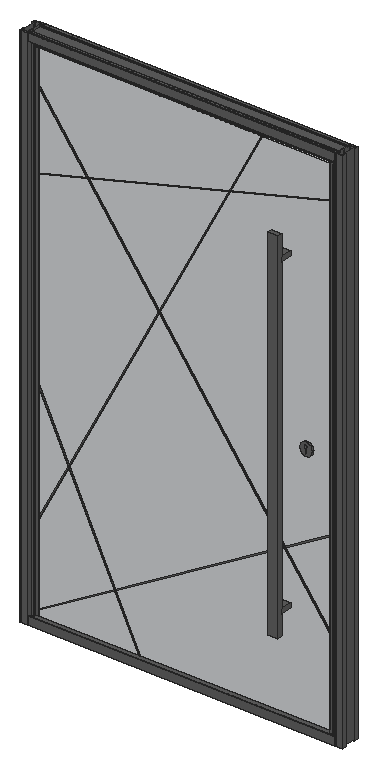
Revit family "YC1321P C2 GG LH", category Doors, host Wall, Revit 2024
Family settings
  Host = Wall
  OmniClass Number = 23.30.10.00
  OmniClass Title = Doors
  Always vertical = Yes
  Cut with Voids When Loaded = No
  Shared = No
  Room Calculation Point = No
Parameters
  Function = Interior
  Frame Projection Ext. = 25 mm
  Frame Projection Int. = 25 mm
  Frame Width = 75 mm
  Height = 2120 mm
  Wall Closure = By host
  Width = 1290 mm
  Analytic Construction = "<None>"
Reference planes
  plane 1: y = 0
  plane 2 "Center (Left/Right)": x = 0
  plane 3 "Left": x = -645
  plane 4 "Right": x = 645
  plane 5: z = 2120
  plane 6 "Exterior": y = 75
  plane 7 "Interior": y = -75
  plane 8: z = 33.5
Forms (mm)
  Sweep 1, solid, material "ALUMINIUM BLACK (TEST)"
    path origin (0, 75, 0) x (1, 0, 0) y (0, 0, 1)
      loop
        line (-601.2, 30) -> (-601.2, 2075) -> (600, 2075) -> (600, 30)
    profile origin (-0.6, 75, 2075) x (0, 0, 1) y (0, -1, 0)
      loop
        line (15, 55) -> (2.8, 55) -> (2.8, 61.5) -> (0.5, 61.5) -> (0.5, 88.5) -> (2.8, 88.5) -> (2.8, 95) -> (15, 95) -> (15, 97) -> (-0.5, 97)
        arc (-0.5, 97) -> (-1.207, 96.707) -> (-1.5, 96) r 1
        line (-1.5, 96) -> (-1.5, 93.9) -> (-0.5, 93.9) -> (-0.5, 95) -> (1, 95) -> (1, 90.5) -> (-0.5, 90.5) -> (-0.5, 91.631) -> (-1.5, 91.631) -> (-1.5, 58.369) -> (-0.5, 58.369) -> (-0.5, 59.5) -> (1, 59.5) -> (1, 55) -> (-0.5, 55) -> (-0.5, 56.1) -> (-1.5, 56.1) -> (-1.5, 54)
        arc (-1.5, 54) -> (-1.207, 53.293) -> (-0.5, 53) r 1
        line (-0.5, 53) -> (15, 53) -> (15, 55)
  Extrusion 2, solid, material "ALUMINIUM BLACK (TEST)"
    sketch origin (0, 0, 0) x (0, 1, 0) y (0, 0, 1)
      loop
        line (37.5, 2120) -> (22, 2120) -> (22, 2118.5) -> (24.5, 2118.5) -> (24.5, 2115.5) -> (-24.5, 2115.5) -> (-24.5, 2118.5) -> (-22, 2118.5) -> (-22, 2120) -> (-37.5, 2120) -> (-37.5, 2090) -> (-4.189, 2090) -> (7.651, 2090) -> (37.5, 2090) -> (37.5, 2120)
      loop
        line (32.168, 2118.2) -> (30.896, 2116.928) -> (29.5, 2118.324) -> (28, 2116.824) -> (26.3, 2118.524) -> (26.3, 2115.8)
        arc (26.3, 2115.8) -> (25.685, 2114.315) -> (24.2, 2113.7) r 2.1
        line (24.2, 2113.7) -> (-24.2, 2113.7)
        arc (-24.2, 2113.7) -> (-25.685, 2114.315) -> (-26.3, 2115.8) r 2.1
        line (-26.3, 2115.8) -> (-26.3, 2118.524) -> (-28, 2116.824) -> (-29.5, 2118.324) -> (-30.896, 2116.928) -> (-32.168, 2118.2) -> (-35.6, 2118.2) -> (-35.6, 2091.8) -> (-32.168, 2091.8) -> (-30.896, 2093.072) -> (-29.5, 2091.676) -> (-28, 2093.176) -> (-26.624, 2091.8) -> (-19.438, 2091.8) -> (26.624, 2091.8) -> (28, 2093.176) -> (29.5, 2091.676) -> (30.896, 2093.072) -> (32.168, 2091.8) -> (35.6, 2091.8) -> (35.6, 2118.2) -> (32.168, 2118.2)
      loop
        line (37.5, 0) -> (37.5, 30) -> (7.651, 30) -> (-4.189, 30) -> (-37.5, 30) -> (-37.5, 0) -> (-22, 0) -> (-22, 1.5) -> (-24.5, 1.5) -> (-24.5, 4.5) -> (24.5, 4.5) -> (24.5, 1.5) -> (22, 1.5) -> (22, 0) -> (37.5, 0)
      loop
        line (32.168, 1.8) -> (35.6, 1.8) -> (35.6, 28.2) -> (32.168, 28.2) -> (30.896, 26.928) -> (29.5, 28.324) -> (28, 26.824) -> (26.624, 28.2) -> (-19.438, 28.2) -> (-26.624, 28.2) -> (-28, 26.824) -> (-29.5, 28.324) -> (-30.896, 26.928) -> (-32.168, 28.2) -> (-35.6, 28.2) -> (-35.6, 1.8) -> (-32.168, 1.8) -> (-30.896, 3.072) -> (-29.5, 1.676) -> (-28, 3.176) -> (-26.3, 1.476) -> (-26.3, 4.2)
        arc (-26.3, 4.2) -> (-25.685, 5.685) -> (-24.2, 6.3) r 2.1
        line (-24.2, 6.3) -> (24.2, 6.3)
        arc (24.2, 6.3) -> (25.685, 5.685) -> (26.3, 4.2) r 2.1
        line (26.3, 4.2) -> (26.3, 1.476) -> (28, 3.176) -> (29.5, 1.676) -> (30.896, 3.072) -> (32.168, 1.8)
    from -615 to 615
  Extrusion 3, solid, material "ALUMINIUM BLACK (TEST)"
    sketch origin (0, 0, 30) x (1, 0, 0) y (0, 1, 0)
      loop
        arc (598.5, 21) -> (597.5, 22) -> (596.5, 21) r 1
        line (596.5, 21) -> (596.5, -21.179)
        arc (596.5, -21.179) -> (596.26, -21.76) -> (595.679, -22) r 0.821
        line (595.679, -22) -> (584.5, -22)
        arc (584.5, -22) -> (583.5, -23) -> (584.5, -24) r 1
        line (584.5, -24) -> (597.679, -24)
        arc (597.679, -24) -> (598.26, -23.76) -> (598.5, -23.179) r 0.821
        line (598.5, -23.179) -> (598.5, 21)
      loop
        arc (-599.7, -21) -> (-598.7, -22) -> (-597.7, -21) r 1
        line (-597.7, -21) -> (-597.7, 21.179)
        arc (-597.7, 21.179) -> (-597.459, 21.76) -> (-596.879, 22) r 0.821
        line (-596.879, 22) -> (-585.7, 22)
        arc (-585.7, 22) -> (-584.7, 23) -> (-585.7, 24) r 1
        line (-585.7, 24) -> (-598.879, 24)
        arc (-598.879, 24) -> (-599.459, 23.76) -> (-599.7, 23.179) r 0.821
        line (-599.7, 23.179) -> (-599.7, -21)
    from 0 to 2043.5
  Extrusion 4, solid, material "ALUMINIUM BLACK (TEST)"
    sketch origin (-25, 22, 130) x (1, 0, 0) y (0, 0, 1)
      loop
        line (620, 1939) -> (608, 1939) -> (608, -94) -> (620, -94) -> (620, 1939)
      loop
        line (-570, 1939) -> (-570, -94) -> (-558, -94) -> (-558, 1939) -> (-570, 1939)
    from 0 to 44
  Extrusion 5, solid, material "ALUMINIUM (METALLIC GREY TEST)"
    sketch origin (-25, 22, 130) x (1, 0, 0) y (0, 0, 1)
      loop
        line (608, 1939) -> (-558, 1939) -> (-558, -94) -> (608, -94) -> (608, 1939)
    from 0 to 4
  Extrusion 6, solid, material "ALUMINIUM (METALLIC GREY TEST)"
    sketch origin (-25, -22, 130) x (1, 0, 0) y (0, 0, -1)
      loop
        line (608, -1939) -> (608, 94) -> (-558, 94) -> (-558, -1939) -> (608, -1939)
    from 0 to 4
  Extrusion 7, solid, material "ALUMINIUM BLACK (TEST)"
    sketch origin (25, 22.873, 130) x (-1, 0, 0) y (0, 0, -1)
      loop
        line (608, -250.74) -> (-289.664, -1939) -> (-285.134, -1939) -> (608, -259.26) -> (608, -250.74)
    from 0 to 0.873
  Extrusion 8, solid, material "ALUMINIUM BLACK (TEST)"
    sketch origin (-1203.467, 22.873, 1667.12) x (0.422618, 0, 0.906308) y (-0.906308, 0, 0.422618)
      loop
        line (501.698, -450.664) -> (-407.89, -2161.351) -> (-401.866, -2158.542) -> (507.722, -447.855) -> (501.698, -450.664)
    from 0 to 0.873
  Extrusion 9, solid, material "ALUMINIUM BLACK (TEST)"
    sketch origin (-557.966, 22.873, -684.637) x (-0.848048, 0, 0.529919) y (-0.529919, 0, -0.848048)
      loop
        line (414.087, -615.437) -> (-218, -1804.221) -> (-215.553, -1808.137) -> (416.535, -619.354) -> (414.087, -615.437)
    from 0 to 0.873
  Extrusion 10, solid, material "ALUMINIUM BLACK (TEST)"
    sketch origin (648.998, 22.873, -166.515) x (-0.587785, 0, -0.809017) y (0.809017, 0, -0.587785)
      loop
        line (322.274, -788.112) -> (-111.431, -1603.792) -> (-104.049, -1598.429) -> (324.89, -791.712) -> (322.274, -788.112)
    from 0 to 0.873
  Extrusion 11, solid, material "ALUMINIUM BLACK (TEST)"
    sketch origin (-885.466, 22.873, 859.37) x (-0.681998, 0, 0.731354) y (-0.731354, 0, -0.681998)
      loop
        line (348.584, -738.63) -> (-218.13, -1804.465) -> (-215.101, -1807.289) -> (351.613, -741.454) -> (348.584, -738.63)
    from 0 to 0.873
  Extrusion 12, solid, material "ALUMINIUM BLACK (TEST)"
    sketch origin (-405.722, 27.873, -123.123) x (-1, 0, 0) y (0, 0, -1)
      loop
        circle (-896.954, -1135.623) r 25
    from 0 to 5
  Extrusion 13, solid, material "ALUMINIUM BLACK (TEST)"
    sketch origin (-405.722, -27.873, -123.123) x (-1, 0, 0) y (0, 0, 1)
      loop
        circle (-896.954, 1135.623) r 25
    from 0 to 5
  Extrusion 14, solid, material "ALUMINIUM BLACK (TEST)"
    sketch origin (1264.348, 72.873, -21.123) x (1, 0, 0) y (0, 0, 1)
      loop
        line (-878.538, 1720) -> (-878.538, 1700) -> (-838.538, 1700) -> (-838.538, 1720) -> (-878.538, 1720)
      loop
        line (-878.538, 440) -> (-838.538, 440) -> (-838.538, 460) -> (-878.538, 460) -> (-878.538, 440)
    from 5 to 50
  Extrusion 15, solid, material "ALUMINIUM BLACK (TEST)"
    sketch origin (-14.789, 87.873, 223.877) x (-1, 0, 0) y (0, 0, -1)
      loop
        line (-400.6, -115) -> (-440.6, -115) -> (-440.6, -1555) -> (-400.6, -1555) -> (-400.6, -115)
    from 0 to 20
  Extrusion 16, solid, material "ALUMINIUM BLACK (TEST)"
    sketch origin (1264.348, -72.873, -21.123) x (1, 0, 0) y (0, 0, -1)
      loop
        line (-878.538, -1720) -> (-838.538, -1720) -> (-838.538, -1700) -> (-878.538, -1700) -> (-878.538, -1720)
      loop
        line (-878.538, -440) -> (-878.538, -460) -> (-838.538, -460) -> (-838.538, -440) -> (-878.538, -440)
    from 5 to 50
  Extrusion 17, solid, material "ALUMINIUM BLACK (TEST)"
    sketch origin (-14.789, -87.873, 223.877) x (-1, 0, 0) y (0, 0, 1)
      loop
        line (-400.6, 115) -> (-400.6, 1555) -> (-440.6, 1555) -> (-440.6, 115) -> (-400.6, 115)
    from 0 to 20
  Extrusion 18, void
    sketch origin (-140.5, 67.873, -123.123) x (-1, 0, 0) y (0, 0, -1)
      loop
        line (-634.732, -1122.18) -> (-634.732, -1136.773)
        arc (-634.732, -1136.773) -> (-631.732, -1150.865) -> (-628.732, -1136.773) r 7.365
        line (-628.732, -1136.773) -> (-628.732, -1122.18)
        arc (-628.732, -1122.18) -> (-631.732, -1119.18) -> (-634.732, -1122.18) r 3
    from 40 to 45
  Extrusion 19, void
    sketch origin (-140.5, -67.873, -123.123) x (-1, 0, 0) y (0, 0, 1)
      loop
        arc (-634.732, 1122.18) -> (-631.732, 1119.18) -> (-628.732, 1122.18) r 3
        line (-628.732, 1122.18) -> (-628.732, 1136.773)
        arc (-628.732, 1136.773) -> (-631.732, 1150.865) -> (-634.732, 1136.773) r 7.365
        line (-634.732, 1136.773) -> (-634.732, 1122.18)
    from 40 to 45
  Extrusion 20, solid, material "ALUMINIUM BLACK (TEST)"
    sketch origin (25, -22.873, 130) x (-1, 0, 0) y (0, 0, 1)
      loop
        line (608, 250.74) -> (608, 259.26) -> (-285.134, 1939) -> (-289.664, 1939) -> (608, 250.74)
    from 0 to 0.873
  Extrusion 21, solid, material "ALUMINIUM BLACK (TEST)"
    sketch origin (-1203.467, -22.873, 1667.12) x (0.422618, 0, 0.906308) y (0.906308, 0, -0.422618)
      loop
        line (501.698, 450.664) -> (507.722, 447.855) -> (-401.866, 2158.542) -> (-407.89, 2161.351) -> (501.698, 450.664)
    from 0 to 0.873
  Extrusion 22, solid, material "ALUMINIUM BLACK (TEST)"
    sketch origin (-557.966, -22.873, -684.637) x (-0.848048, 0, 0.529919) y (0.529919, 0, 0.848048)
      loop
        line (414.087, 615.437) -> (416.535, 619.354) -> (-215.553, 1808.137) -> (-218, 1804.221) -> (414.087, 615.437)
    from 0 to 0.873
  Extrusion 23, solid, material "ALUMINIUM BLACK (TEST)"
    sketch origin (648.998, -22.873, -166.515) x (-0.587785, 0, -0.809017) y (-0.809017, 0, 0.587785)
      loop
        line (322.274, 788.112) -> (324.89, 791.712) -> (-104.049, 1598.429) -> (-111.431, 1603.792) -> (322.274, 788.112)
    from 0 to 0.873
  Extrusion 24, solid, material "ALUMINIUM BLACK (TEST)"
    sketch origin (-885.466, -22.873, 859.37) x (-0.681998, 0, 0.731354) y (0.731354, 0, 0.681998)
      loop
        line (348.584, 738.63) -> (351.613, 741.454) -> (-215.101, 1807.289) -> (-218.13, 1804.465) -> (348.584, 738.63)
    from 0 to 0.873
  Extrusion 25, solid, material "ALUMINIUM BLACK (TEST)"
    sketch origin (0, 0, 0) x (1, 0, 0) y (0, 1, 0)
      loop
        line (-645, 37.5) -> (-645, 22) -> (-643.5, 22) -> (-643.5, 24.5) -> (-640.5, 24.5) -> (-640.5, -24.5) -> (-643.5, -24.5) -> (-643.5, -22) -> (-645, -22) -> (-645, -37.5) -> (-615, -37.5) -> (-615, -17) -> (-615.993, -17) -> (-616.394, -18.496) -> (-617.6, -18.496) -> (-617.6, -0.254) -> (-616.306, -0.254) -> (-616.066, -3) -> (-615, -3) -> (-615, 37.5) -> (-645, 37.5)
      loop
        line (-616.8, 26.624) -> (-618.176, 28) -> (-616.676, 29.5) -> (-618.072, 30.896) -> (-616.8, 32.168) -> (-616.8, 35.6) -> (-643.2, 35.6) -> (-643.2, 32.168) -> (-641.928, 30.896) -> (-643.324, 29.5) -> (-641.824, 28) -> (-643.524, 26.3) -> (-640.8, 26.3)
        arc (-640.8, 26.3) -> (-639.315, 25.685) -> (-638.7, 24.2) r 2.1
        line (-638.7, 24.2) -> (-638.7, -24.2)
        arc (-638.7, -24.2) -> (-639.315, -25.685) -> (-640.8, -26.3) r 2.1
        line (-640.8, -26.3) -> (-643.524, -26.3) -> (-641.824, -28) -> (-643.324, -29.5) -> (-641.928, -30.896) -> (-643.2, -32.168) -> (-643.2, -35.6) -> (-616.8, -35.6) -> (-616.8, -32.168) -> (-618.072, -30.896) -> (-616.676, -29.5) -> (-618.176, -28) -> (-616.8, -26.624) -> (-616.8, -20.239)
        arc (-616.8, -20.239) -> (-618.596, -19.852) -> (-619.4, -18.2) r 2.1
        line (-619.4, -18.2) -> (-619.4, -0.55)
        arc (-619.4, -0.55) -> (-618.596, 1.102) -> (-616.8, 1.49) r 2.1
        line (-616.8, 1.49) -> (-616.8, 26.624)
      loop
        line (645, 37.5) -> (615, 37.5) -> (615, -3) -> (616.066, -3) -> (616.306, -0.254) -> (617.6, -0.254) -> (617.6, -18.496) -> (616.394, -18.496) -> (615.993, -17) -> (615, -17) -> (615, -37.5) -> (645, -37.5) -> (645, -22) -> (643.5, -22) -> (643.5, -24.5) -> (640.5, -24.5) -> (640.5, 24.5) -> (643.5, 24.5) -> (643.5, 22) -> (645, 22) -> (645, 37.5)
      loop
        line (616.8, 26.624) -> (616.8, 1.49)
        arc (616.8, 1.49) -> (618.596, 1.102) -> (619.4, -0.55) r 2.1
        line (619.4, -0.55) -> (619.4, -18.2)
        arc (619.4, -18.2) -> (618.596, -19.852) -> (616.8, -20.239) r 2.1
        line (616.8, -20.239) -> (616.8, -26.624) -> (618.176, -28) -> (616.676, -29.5) -> (618.072, -30.896) -> (616.8, -32.168) -> (616.8, -35.6) -> (643.2, -35.6) -> (643.2, -32.168) -> (641.928, -30.896) -> (643.324, -29.5) -> (641.824, -28) -> (643.524, -26.3) -> (640.8, -26.3)
        arc (640.8, -26.3) -> (639.315, -25.685) -> (638.7, -24.2) r 2.1
        line (638.7, -24.2) -> (638.7, 24.2)
        arc (638.7, 24.2) -> (639.315, 25.685) -> (640.8, 26.3) r 2.1
        line (640.8, 26.3) -> (643.524, 26.3) -> (641.824, 28) -> (643.324, 29.5) -> (641.928, 30.896) -> (643.2, 32.168) -> (643.2, 35.6) -> (616.8, 35.6) -> (616.8, 32.168) -> (618.072, 30.896) -> (616.676, 29.5) -> (618.176, 28) -> (616.8, 26.624)
    from 0 to 2120
Cuts and joins
  Extrusion 18 cuts Extrusion 12
  Extrusion 19 cuts Extrusion 13
Lines and regions (mm)
  Opening 1
    outline origin (-3050, -75, 0) x (1, 0, 0) y (0, 0, 1)
      loop
        line (2405, 0) -> (3695, 0) -> (3695, 2120) -> (2405, 2120) -> (2405, 0)
  model lines
    curve 1: line (-602.851, 22.5, 0) -> (602.851, 22.5, 0)
    curve 2: line (-603, -13, 0) -> (603, -13, 0)
    curve 8: line (-300, -22.5, 0) -> (-300, -925.5, 0)
    curve 9: arc (603, -22.5, 0) -> (338.517, -661.017, 0) -> (-300, -925.5, 0) r 903
    curve 10: arc (-300, 316, 0) -> (-514.253, 227.253, 0) -> (-603, 13, 0) r 303
    curve 11: line (-300, 13, 0) -> (-300, 316, 0)
  model lines, style "Elevation Swing"
    curve 3: line (300, 0, 0) -> (300, 0, 2078)
  symbolic lines, style "Elevation Swing"
    curve 4: line (645, -75, 1060) -> (-300, -75, 2078)
    curve 5: line (645, -75, 1060) -> (-300, -75, 0)
    curve 6: line (-603, -75, 1045) -> (-300, -75, 2078)
    curve 7: line (-603, -75, 1045) -> (-300, -75, 0)
Text (mm)
  text "Exterior" at (-2295.016, 1099.543, 0), in view "Ref. Level"
  text "Exterior" at (0, 1615.38, 3698.081), in view "Left"
  text "Exterior" at (0, 1036.032, 3874.932), in view "Right"
Dimensions and locks
  equal spacing: plane 3 "Left", plane 2 "Center (Left/Right)", plane 4 "Right"
  "Width": plane 3 "Left" to plane 4 "Right"
  "Height": plane 5 to host wall
  host wall to plane 5 = 2120 mm  (x2)
  locked: plane 6 "Exterior" to host wall
  locked: plane 7 "Interior" to host wall
  plane 3 "Left" to plane 4 "Right" = 1290 mm  (x2)
  aligned and locked: plane 3 "Left" to Opening 1 sketch curve
  aligned and locked: plane 5 to Opening 1 sketch curve  (x2)
  aligned and locked: Opening 1 sketch curve to plane 4 "Right"
  aligned and locked: Opening 1 sketch curve to level
  aligned and locked: plane 1 to host wall
Automatic sketch dimensions
  curve 3 to level = 0 mm
  plane 5 to curve 3 = 42 mm
  plane 2 "Center (Left/Right)" to curve 3 = 300 mm
  curve 5 to level = 0 mm
  plane 4 "Right" to curve 5 = 0 mm
  curve 7 to plane 2 "Center (Left/Right)" = 300 mm
  plane 5 to curve 6 = 42 mm
  curve 6 to plane 2 "Center (Left/Right)" = 300 mm
  curve 6 to plane 3 "Left" = 42 mm
  plane 8 to curve 6 = 1011.5 mm
  plane 8 to curve 5 = 1026.5 mm
  curve 8 to plane 2 "Center (Left/Right)" = 300 mm
  curve 11 to plane 2 "Center (Left/Right)" = 300 mm
  host wall to curve 8 = 850.5 mm
  host wall to curve 9 = 22.5 mm
  curve 10 to host wall = 13 mm
  host wall to curve 11 = 241 mm
  curve 10 to curve 1 = 0.149 mm
  host wall to curve 2 = 13 mm
  curve 2 to curve 10 = 0 mm
  plane 4 "Right" to curve 1 = 42.149 mm
  curve 2 to curve 9 = 0 mm
  curve 8 to curve 9 = 0 mm
  curve 11 to curve 10 = 0 mm
  Sweep 1 sketch curve to plane 3 "Left" = 43.8 mm
  plane 4 "Right" to Sweep 1 sketch curve = 45 mm
  plane 5 to Sweep 1 sketch curve = 45 mm
  Sweep 1 sketch curve to plane 8 = 3.5 mm  (x2)
  profile plane to Sweep 1 sketch curve = 1.5 mm  (x3)
  profile plane to Sweep 1 sketch curve = 0.5 mm  (x6)
  Sweep 1 sketch curve to profile plane = 0.5 mm
  Sweep 1 sketch curve to profile plane = 1 mm  (x2)
  Sweep 1 sketch curve to Sweep 1 sketch curve = 1.8 mm
  Sweep 1 sketch curve to Sweep 1 sketch curve = 2.3 mm
  Sweep 1 sketch curve to Sweep 1 sketch curve = 12.2 mm  (x2)
  plane 6 "Exterior" to Sweep 1 sketch curve = 53 mm
  Sweep 1 sketch curve to Sweep 1 sketch curve = 1 mm  (x3)
  Sweep 1 sketch curve to Sweep 1 sketch curve = 1.1 mm  (x2)
  Sweep 1 sketch curve to Sweep 1 sketch curve = 2.269 mm  (x2)
  Sweep 1 sketch curve to Sweep 1 sketch curve = 1.131 mm  (x2)
  Sweep 1 sketch curve to Sweep 1 sketch curve = 2 mm  (x2)
  Sweep 1 sketch curve to Sweep 1 sketch curve = 27 mm
  Sweep 1 sketch curve to Sweep 1 sketch curve = 6.5 mm
  Extrusion 2 sketch curve to level = 0 mm  (x2)
  plane 5 to Extrusion 2 sketch curve = 0 mm  (x2)
  host wall to Extrusion 2 sketch curve = 37.5 mm  (x2)
  Extrusion 2 sketch curve to plane 8 = 3.5 mm
  Extrusion 2 sketch curve to Extrusion 2 sketch curve = 1.9 mm  (x4)
  Extrusion 2 sketch curve to Extrusion 2 sketch curve = 3.432 mm  (x6)
  Extrusion 2 sketch curve to plane 8 = 5.3 mm  (x2)
  plane 5 to Extrusion 2 sketch curve = 3.072 mm  (x2)
  Extrusion 2 sketch curve to Extrusion 2 sketch curve = 1.272 mm  (x11)
  Extrusion 2 sketch curve to plane 8 = 6.572 mm  (x2)
  level to Extrusion 2 sketch curve = 3.072 mm  (x2)
  Extrusion 2 sketch curve to Extrusion 2 sketch curve = 1.396 mm  (x7)
  Extrusion 2 sketch curve to plane 8 = 5.176 mm  (x2)
  plane 5 to Extrusion 2 sketch curve = 1.676 mm  (x2)
  level to Extrusion 2 sketch curve = 1.676 mm  (x2)
  plane 5 to Extrusion 2 sketch curve = 3.176 mm  (x2)
  Extrusion 2 sketch curve to Extrusion 2 sketch curve = 1.5 mm  (x5)
  level to Extrusion 2 sketch curve = 3.176 mm  (x2)
  Extrusion 2 sketch curve to plane 8 = 6.676 mm  (x2)
  Extrusion 2 sketch curve to Extrusion 2 sketch curve = 1.376 mm  (x4)
  Extrusion 2 sketch curve to Extrusion 2 sketch curve = 1.7 mm  (x4)
  Extrusion 2 sketch curve to Extrusion 2 sketch curve = 1.8 mm  (x4)
  Extrusion 2 sketch curve to Extrusion 2 sketch curve = 0.3 mm  (x6)
  Extrusion 2 sketch curve to Extrusion 2 sketch curve = 2.5 mm  (x2)
  Extrusion 2 sketch curve to Extrusion 2 sketch curve = 7.186 mm  (x2)
  host wall to Extrusion 2 sketch curve = 4.189 mm  (x2)
  Extrusion 2 sketch curve to host wall = 7.651 mm  (x2)
  level to Extrusion 2 sketch curve = 1.5 mm  (x2)
  Extrusion 2 sketch curve to host wall = 22 mm  (x2)
  Extrusion 2 sketch curve to Extrusion 2 sketch curve = 2.2 mm  (x2)
  plane 5 to Extrusion 2 sketch curve = 1.476 mm
  level to Extrusion 2 sketch curve = 1.476 mm
  Extrusion 2 sketch curve to Extrusion 2 sketch curve = 18.973 mm  (x2)
  Extrusion 2 sketch curve to Extrusion 2 sketch curve = 1.024 mm
  Extrusion 2 sketch curve to Extrusion 2 sketch curve = 26.928 mm
  Extrusion 2 sketch curve to Extrusion 2 sketch curve = 1.676 mm  (x2)
  Extrusion 2 sketch curve to Extrusion 2 sketch curve = 0.124 mm  (x2)
  Extrusion 2 sketch curve to Extrusion 2 sketch curve = 3.124 mm
  plane 5 to Extrusion 2 sketch curve = 1.5 mm
  Extrusion 3 sketch curve to plane 3 "Left" = 45.3 mm
  Extrusion 3 sketch curve to Extrusion 3 sketch curve = 0.821 mm  (x4)
  Extrusion 3 sketch curve to Extrusion 3 sketch curve = 1 mm  (x4)
  Extrusion 3 sketch curve to Extrusion 3 sketch curve = 11.179 mm  (x2)
  host wall to Extrusion 3 sketch curve = 24 mm
  plane 4 "Right" to Extrusion 3 sketch curve = 60.5 mm
  host wall to Extrusion 3 sketch curve = 21 mm
  Extrusion 3 sketch curve to host wall = 21 mm
  Extrusion 3 sketch curve to host wall = 21.179 mm
  Extrusion 4 sketch curve to plane 3 "Left" = 50 mm
  plane 8 to Extrusion 4 sketch curve = 2.5 mm  (x2)
  Extrusion 4 sketch curve to Extrusion 4 sketch curve = 12 mm  (x2)
  plane 4 "Right" to Extrusion 4 sketch curve = 62 mm
  plane 5 to Extrusion 4 sketch curve = 51 mm  (x2)
  Extrusion 5 sketch curve to plane 3 "Left" = 62 mm
  plane 8 to Extrusion 5 sketch curve = 2.5 mm
  plane 4 "Right" to Extrusion 5 sketch curve = 62 mm
  plane 5 to Extrusion 5 sketch curve = 51 mm
  Extrusion 6 sketch curve to plane 3 "Left" = 62 mm
  plane 8 to Extrusion 6 sketch curve = 2.5 mm
  plane 4 "Right" to Extrusion 6 sketch curve = 62 mm
  plane 5 to Extrusion 6 sketch curve = 51 mm
  plane 5 to Extrusion 7 sketch curve = 51 mm
  plane 2 "Center (Left/Right)" to Extrusion 7 sketch curve = 314.664 mm
  Extrusion 7 sketch curve to Extrusion 7 sketch curve = 4.53 mm
  Extrusion 7 sketch curve to plane 3 "Left" = 62 mm
  plane 8 to Extrusion 7 sketch curve = 355.76 mm
  Extrusion 7 sketch curve to Extrusion 7 sketch curve = 8.52 mm
  plane 4 "Right" to Extrusion 8 sketch curve = 62 mm
  plane 8 to Extrusion 8 sketch curve = 350.52 mm
  Extrusion 8 sketch curve to Extrusion 8 sketch curve = 6.024 mm  (x2)
  Extrusion 8 sketch curve to Extrusion 8 sketch curve = 903.564 mm
  Extrusion 8 sketch curve to Extrusion 8 sketch curve = 2.809 mm  (x2)
  Extrusion 8 sketch curve to Extrusion 8 sketch curve = 1707.878 mm
  plane 4 "Right" to Extrusion 9 sketch curve = 62 mm
  plane 8 to Extrusion 9 sketch curve = 696.406 mm
  Extrusion 9 sketch curve to Extrusion 9 sketch curve = 2.448 mm  (x2)
  Extrusion 9 sketch curve to Extrusion 9 sketch curve = 632.088 mm
  Extrusion 9 sketch curve to Extrusion 9 sketch curve = 3.917 mm  (x2)
  Extrusion 9 sketch curve to Extrusion 9 sketch curve = 1184.867 mm
  Extrusion 10 sketch curve to plane 3 "Left" = 62 mm
  plane 8 to Extrusion 10 sketch curve = 832.82 mm
  Extrusion 10 sketch curve to Extrusion 10 sketch curve = 7.382 mm
  Extrusion 10 sketch curve to Extrusion 10 sketch curve = 426.323 mm
  Extrusion 10 sketch curve to Extrusion 10 sketch curve = 2.616 mm
  Extrusion 10 sketch curve to Extrusion 10 sketch curve = 5.363 mm
  Extrusion 10 sketch curve to Extrusion 10 sketch curve = 806.717 mm
  Extrusion 10 sketch curve to Extrusion 10 sketch curve = 3.6 mm
  plane 4 "Right" to Extrusion 11 sketch curve = 62 mm
  plane 5 to Extrusion 11 sketch curve = 189.518 mm
  Extrusion 11 sketch curve to Extrusion 11 sketch curve = 3.029 mm  (x2)
  Extrusion 11 sketch curve to Extrusion 11 sketch curve = 566.714 mm
  Extrusion 11 sketch curve to Extrusion 11 sketch curve = 2.824 mm  (x2)
  Extrusion 11 sketch curve to Extrusion 11 sketch curve = 1063.01 mm
  plane 4 "Right" to Extrusion 12 sketch curve = 153.768 mm
  plane 8 to Extrusion 12 sketch curve = 979 mm
  plane 4 "Right" to Extrusion 13 sketch curve = 153.768 mm
  plane 8 to Extrusion 13 sketch curve = 979 mm
  plane 4 "Right" to Extrusion 14 sketch curve = 259.19 mm  (x2)
  Extrusion 14 sketch curve to Extrusion 14 sketch curve = 40 mm  (x2)
  plane 8 to Extrusion 14 sketch curve = 385.377 mm
  Extrusion 14 sketch curve to Extrusion 14 sketch curve = 20 mm  (x2)
  plane 5 to Extrusion 14 sketch curve = 441.123 mm
  plane 4 "Right" to Extrusion 15 sketch curve = 219.19 mm
  Extrusion 15 sketch curve to Extrusion 15 sketch curve = 40 mm
  plane 5 to Extrusion 15 sketch curve = 341.123 mm
  plane 8 to Extrusion 15 sketch curve = 305.377 mm
  plane 4 "Right" to Extrusion 16 sketch curve = 259.19 mm  (x2)
  Extrusion 16 sketch curve to Extrusion 16 sketch curve = 40 mm  (x2)
  plane 5 to Extrusion 16 sketch curve = 421.123 mm
  Extrusion 16 sketch curve to Extrusion 16 sketch curve = 20 mm  (x2)
  plane 8 to Extrusion 16 sketch curve = 405.377 mm
  plane 4 "Right" to Extrusion 17 sketch curve = 219.19 mm
  Extrusion 17 sketch curve to Extrusion 17 sketch curve = 40 mm
  plane 8 to Extrusion 17 sketch curve = 305.377 mm
  plane 5 to Extrusion 17 sketch curve = 341.123 mm
  plane 4 "Right" to Extrusion 18 sketch curve = 150.768 mm
  Extrusion 18 sketch curve to Extrusion 18 sketch curve = 3 mm  (x2)
  plane 8 to Extrusion 18 sketch curve = 986.877 mm
  Extrusion 18 sketch curve to Extrusion 18 sketch curve = 6.726 mm
  Extrusion 18 sketch curve to Extrusion 18 sketch curve = 14.593 mm
  plane 4 "Right" to Extrusion 19 sketch curve = 150.768 mm
  Extrusion 19 sketch curve to Extrusion 19 sketch curve = 3 mm  (x2)
  plane 8 to Extrusion 19 sketch curve = 965.558 mm
  Extrusion 19 sketch curve to Extrusion 19 sketch curve = 14.593 mm
  Extrusion 19 sketch curve to Extrusion 19 sketch curve = 6.726 mm
  plane 5 to Extrusion 20 sketch curve = 51 mm
  plane 2 "Center (Left/Right)" to Extrusion 20 sketch curve = 314.664 mm
  Extrusion 20 sketch curve to Extrusion 20 sketch curve = 4.53 mm
  Extrusion 20 sketch curve to plane 3 "Left" = 62 mm
  plane 8 to Extrusion 20 sketch curve = 355.76 mm
  Extrusion 20 sketch curve to Extrusion 20 sketch curve = 8.52 mm
  plane 4 "Right" to Extrusion 21 sketch curve = 62 mm
  plane 8 to Extrusion 21 sketch curve = 350.52 mm
  Extrusion 21 sketch curve to Extrusion 21 sketch curve = 6.024 mm  (x2)
  Extrusion 21 sketch curve to Extrusion 21 sketch curve = 903.564 mm
  Extrusion 21 sketch curve to Extrusion 21 sketch curve = 2.809 mm  (x2)
  Extrusion 21 sketch curve to Extrusion 21 sketch curve = 1707.878 mm
  plane 4 "Right" to Extrusion 22 sketch curve = 62 mm
  plane 8 to Extrusion 22 sketch curve = 696.406 mm
  Extrusion 22 sketch curve to Extrusion 22 sketch curve = 2.448 mm  (x2)
  Extrusion 22 sketch curve to Extrusion 22 sketch curve = 632.088 mm
  Extrusion 22 sketch curve to Extrusion 22 sketch curve = 1184.867 mm
  Extrusion 22 sketch curve to Extrusion 22 sketch curve = 3.917 mm  (x2)
  Extrusion 23 sketch curve to plane 3 "Left" = 62 mm
  plane 8 to Extrusion 23 sketch curve = 832.82 mm
  Extrusion 23 sketch curve to Extrusion 23 sketch curve = 7.382 mm
  Extrusion 23 sketch curve to Extrusion 23 sketch curve = 426.323 mm
  Extrusion 23 sketch curve to Extrusion 23 sketch curve = 2.616 mm
  Extrusion 23 sketch curve to Extrusion 23 sketch curve = 5.363 mm
  Extrusion 23 sketch curve to Extrusion 23 sketch curve = 806.717 mm
  Extrusion 23 sketch curve to Extrusion 23 sketch curve = 3.6 mm
  plane 4 "Right" to Extrusion 24 sketch curve = 62 mm
  plane 5 to Extrusion 24 sketch curve = 189.518 mm
  Extrusion 24 sketch curve to Extrusion 24 sketch curve = 3.029 mm  (x2)
  Extrusion 24 sketch curve to Extrusion 24 sketch curve = 566.714 mm
  Extrusion 24 sketch curve to Extrusion 24 sketch curve = 1063.01 mm
  Extrusion 24 sketch curve to Extrusion 24 sketch curve = 2.824 mm  (x2)
  Extrusion 25 sketch curve to plane 3 "Left" = 0 mm  (x2)
  Extrusion 25 sketch curve to plane 4 "Right" = 0 mm  (x2)
  Extrusion 25 sketch curve to plane 3 "Left" = 1.476 mm  (x2)
  Extrusion 25 sketch curve to Extrusion 25 sketch curve = 1.5 mm  (x5)
  Extrusion 25 sketch curve to plane 3 "Left" = 1.5 mm
  Extrusion 25 sketch curve to plane 3 "Left" = 1.676 mm  (x2)
  Extrusion 25 sketch curve to plane 3 "Left" = 1.8 mm  (x2)
  Extrusion 25 sketch curve to Extrusion 25 sketch curve = 1.272 mm  (x12)
  Extrusion 25 sketch curve to Extrusion 25 sketch curve = 1.024 mm  (x4)
  Extrusion 25 sketch curve to Extrusion 25 sketch curve = 0.3 mm  (x8)
  Extrusion 25 sketch curve to Extrusion 25 sketch curve = 1.8 mm  (x8)
  host wall to Extrusion 25 sketch curve = 0.55 mm  (x2)
  Extrusion 25 sketch curve to plane 3 "Left" = 25.6 mm
  Extrusion 25 sketch curve to Extrusion 25 sketch curve = 20.524 mm
  Extrusion 25 sketch curve to Extrusion 25 sketch curve = 1.224 mm
  Extrusion 25 sketch curve to Extrusion 25 sketch curve = 0.104 mm  (x4)
  Extrusion 25 sketch curve to Extrusion 25 sketch curve = 1.376 mm  (x8)
  Extrusion 25 sketch curve to Extrusion 25 sketch curve = 1.396 mm  (x6)
  Extrusion 25 sketch curve to Extrusion 25 sketch curve = 0.906 mm  (x2)
  host wall to Extrusion 25 sketch curve = 0.254 mm  (x2)
  Extrusion 25 sketch curve to Extrusion 25 sketch curve = 0.994 mm  (x2)
  Extrusion 25 sketch curve to Extrusion 25 sketch curve = 1.234 mm
  Extrusion 25 sketch curve to Extrusion 25 sketch curve = 0.401 mm  (x2)
  plane 4 "Right" to Extrusion 25 sketch curve = 30 mm
  Extrusion 25 sketch curve to Extrusion 25 sketch curve = 0 mm
  Extrusion 25 sketch curve to Extrusion 25 sketch curve = 0.993 mm
  Extrusion 25 sketch curve to Extrusion 25 sketch curve = 1.066 mm
  Extrusion 25 sketch curve to Extrusion 25 sketch curve = 0.24 mm
  Extrusion 25 sketch curve to Extrusion 25 sketch curve = 1.676 mm  (x2)
  Extrusion 25 sketch curve to Extrusion 25 sketch curve = 0.124 mm  (x4)
  plane 4 "Right" to Extrusion 25 sketch curve = 6.3 mm
  plane 4 "Right" to Extrusion 25 sketch curve = 1.676 mm  (x2)
  plane 4 "Right" to Extrusion 25 sketch curve = 1.5 mm  (x2)
  plane 4 "Right" to Extrusion 25 sketch curve = 1.476 mm  (x2)
  Extrusion 25 sketch curve to Extrusion 25 sketch curve = 2.45 mm  (x2)
  Extrusion 25 sketch curve to Extrusion 25 sketch curve = 14 mm  (x2)
  Extrusion 25 sketch curve to Extrusion 25 sketch curve = 1.2 mm  (x2)
  Extrusion 25 sketch curve to Extrusion 25 sketch curve = 0.296 mm  (x2)
  host wall to Extrusion 25 sketch curve = 22 mm  (x2)
  Extrusion 25 sketch curve to Extrusion 25 sketch curve = 2.2 mm  (x4)
  Extrusion 25 sketch curve to Extrusion 25 sketch curve = 6.385 mm  (x2)
  Extrusion 25 sketch curve to Extrusion 25 sketch curve = 1.7 mm  (x4)
  Extrusion 25 sketch curve to Extrusion 25 sketch curve = 3.432 mm  (x4)
  Extrusion 25 sketch curve to Extrusion 25 sketch curve = 1.9 mm  (x4)
  Extrusion 25 sketch curve to host wall = 22 mm  (x2)
  Extrusion 25 sketch curve to Extrusion 25 sketch curve = 2.424 mm  (x2)
  radius of Extrusion 12 sketch curve = 25 mm
  radius of Extrusion 13 sketch curve = 25 mm
